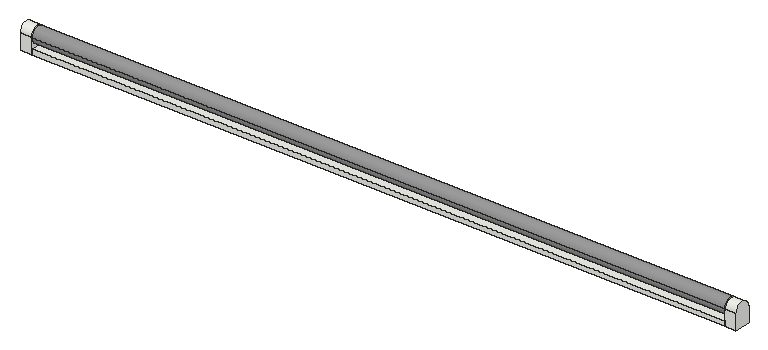
Revit family "M_Luz indireta - Listra", category Luminárias, Revit 2019
Family settings
  Cota do conector redondo = Utilizar diâmetro
  Tipo de parte = Normal
  Número OmniClass = 23.80.70.11.14.14
  Título OmniClass = Uplights
  ID de item do Seek = Uplight - Strip-0000-CAN-ENU
  Com base no plano de trabalho = Não
  Sempre na vertical = Sim
  Corte com vazios quando carregada = Não
  Fonte luminosa = Sim
  Compartilhado = Não
  Ponto de cálculo do ambiente = Não
Parameters (values of type "1200mm - 277V")
  Wattage = 40 W
  built-in parameter 1150110 = 1 (stored number, unit not read)
  built-in parameter 1114217 = 0.88 (stored number, unit not read)
  built-in parameter 1150109 = 1 (stored number, unit not read)
  built-in parameter 1150134 = 8
  built-in parameter 1150113 = 1 (stored number, unit not read)
  Tilt Angle = -90.00°
  Arquivo de rede fotométrica = "DS1T12.IES"
  built-in parameter 1150115 = 1 (stored number, unit not read)
  built-in parameter 1150105 = 250.67 (stored number, unit not read)
  Classificação de carga = Iluminação - Unidade de interrupção
  built-in parameter 1150137 = 1
  built-in parameter 1150139 = (empty or 0)
  Material de sombra = Aço, acabamento de pintura, marfim, com brilho
  built-in parameter 1150112 = 1 (stored number, unit not read)
  Material do difusor = Vidro, Branco, Alta Luminosidade
  built-in parameter 1150114 = 1 (stored number, unit not read)
  built-in parameter 1150132 = (empty or 0)
  built-in parameter 1150102 = (empty or 0)
  built-in parameter 1150138 = (empty or 0)
  built-in parameter 1150107 = 4230 (stored number, unit not read)
  built-in parameter 1150106 = 2.5067 (stored number, unit not read)
  Emitir do comprimento da linha = Comprimento da luz - 38 mm  # 1162 mm
  built-in parameter 1150104 = 7.3161 (stored number, unit not read)
  Dimming Lamp Color Temperature Shift = (empty or 0)
  Color Filter = 16777215
  Voltagem = 277 V
  Número de pólos = 1
  built-in parameter 1114218 = 0.88 (stored number, unit not read)
  built-in parameter 1150133 = 10 (stored number, unit not read)
  Código de montagem = "D5020210"
  Lâmpada = "T-12"
  Comprimento da luz = 1200 mm
  Elevação da luz = 1500 mm
  Lumens = 3150 lm
  Comentários de voltagem = "40"
  Carga aparente = 40 VA
Types (5, lengths in mm): name | Wattage | Arquivo de rede fotométrica | built-in parameter 1150105 | built-in parameter 1150106 | Emitir do comprimento da linha | built-in parameter 1150104 | Voltagem | Lâmpada | Comprimento da luz | Lumens | Comentários de voltagem | Carga aparente
  (no name) | 40 W | "DS1T12.IES" | 250.67 (stored number, unit not read) | 2.5067 (stored number, unit not read) | 1162 | 7.3161 (stored number, unit not read) | 277 V | "T-12" | 1200 | 3150 lm | "40" | 40 VA
  1200mm - 120V | 40 W | "DS1T12.IES" | 250.67 (stored number, unit not read) | 2.5067 (stored number, unit not read) | 1162 | 7.3161 (stored number, unit not read) | 120 V | "T-12" | 1200 | 3150 lm | "40" | 40 VA
  0600mm - 120V | 17 W | "DS1T8.IES" | 107.43 (stored number, unit not read) | 1.0743 (stored number, unit not read) | 562 | 7.3774 (stored number, unit not read) | 120 V | "T-8" | 600 | 1349.97 lm | "17" | 17 VA
  0600mm - 277V | 17 W | "DS1T8.IES" | 107.43 (stored number, unit not read) | 1.0743 (stored number, unit not read) | 562 | 7.3774 (stored number, unit not read) | 277 V | "T-8" | 600 | 1349.97 lm | "17" | 17 VA
  1200mm - 277V | 40 W | "DS1T12.IES" | 250.67 (stored number, unit not read) | 2.5067 (stored number, unit not read) | 1162 | 7.3161 (stored number, unit not read) | 277 V | "T-12" | 1200 | 3150 lm | "40" | 40 VA
Reference planes
  plane 1 "Eixo de origem da luz": y = 0
  plane 2: z = 0
  plane 3 "Eixo de origem da luz": x = 0
  plane 4 "Elevação da origem da luz": z = 1525.4
  plane 5: x = -600
  plane 6: x = 600
  plane 7: x = 580.95
  plane 8: x = -580.95
  plane 9: z = 1500
Forms (mm)
  Sweep 1, solid, material "Vidro, Branco, Alta Luminosidade" <- "Material do difusor"
    path origin (0, 0, 1525.4) x (0, -1, 0) y (1, 0, 0)
      loop
        line (0, -580.95) -> (0, 580.95)
    profile origin (0, 0, 1371.6) x (0, 1, 0) y (0, 0, 1)
      loop
        circle (0, 153.8) r 12.7
  Extrusion 2, solid, material "Aço, acabamento de pintura, marfim, com brilho" <- "Material de sombra"
    sketch origin (-580.95, 0, 1666.5) x (0, 0, 1) y (0, 1, 0)
      loop
        line (-166.5, 12.7) -> (-166.5, -12.7) -> (-141.1, -12.7)
        arc (-141.1, -12.7) -> (-128.4, 0) -> (-141.1, 12.7) r 12.7
        line (-141.1, 12.7) -> (-166.5, 12.7)
    from 0 to 19.05
  Extrusion 3, solid, material "Aço, acabamento de pintura, marfim, com brilho" <- "Material de sombra"
    sketch origin (580.95, 0, 1512.7) x (0, 1, 0) y (0, 0, 1)
      loop
        line (-12.7, -12.7) -> (12.7, -12.7) -> (12.7, 12.7)
        arc (12.7, 12.7) -> (0, 25.4) -> (-12.7, 12.7) r 12.7
        line (-12.7, 12.7) -> (-12.7, -12.7)
    from 0 to 19.05
  Extrusion 4, solid, material "Aço, acabamento de pintura, marfim, com brilho" <- "Material de sombra"
    sketch origin (600, 0, 1512.7) x (0, 1, 0) y (0, 0, 1)
      loop
        line (12.7, -12.7) -> (12.7, -4.031) -> (-12.7, -4.031) -> (-12.7, -12.7) -> (12.7, -12.7)
    from -1180.95 to -19.05
Lines and regions (mm)
  symbolic lines
    curve 1: line (600, 12.7, 0) -> (-600, 12.7, 0)
    curve 2: line (600, -12.7, 0) -> (600, 12.7, 0)
    curve 3: line (-600, -12.7, 0) -> (600, -12.7, 0)
    curve 4: line (-600, 12.7, 0) -> (-600, -12.7, 0)
Dimensions and locks
  equal spacing: plane 5, plane 3 "Eixo de origem da luz", plane 6
  "Comprimento da luz": plane 5 to plane 6
  locked: plane 5 to plane 8 at 19.05
  locked: plane 7 to plane 6 at 19.05
  locked: plane 4 "Elevação da origem da luz" to plane 9 at 25.4
  "Elevação da luz": plane 9 to plane 2
  aligned and locked: plane 8 to Sweep 1 sketch curve
  aligned and locked: plane 7 to Sweep 1 sketch curve
  aligned and locked: Extrusion 2 to Sweep 1
  aligned and locked: Extrusion 3 sketch curve to Sweep 1
  aligned and locked: Extrusion 3 to Sweep 1
  aligned and locked: Extrusion 3 to plane 6
  aligned and locked: Extrusion 4 sketch curve to Extrusion 2  (x3)
  aligned and locked: Extrusion 4 to Sweep 1
  aligned and locked: curve 1 to plane 6
  aligned and locked: curve 4 to Extrusion 2  (x2)
  aligned and locked: plane 9 to Extrusion 2
  aligned and locked: Extrusion 2 to plane 5
  aligned and locked: plane 8 to Extrusion 4
  aligned and locked: plane 3 "Eixo de origem da luz" to imposter light
  aligned and locked: plane 1 "Eixo de origem da luz" to imposter light
  aligned and locked: plane 4 "Elevação da origem da luz" to imposter light
Automatic sketch dimensions
  Sweep 1 sketch curve to plane 4 "Elevação da origem da luz" = 0 mm
  Sweep 1 sketch curve to profile plane = 0 mm
  profile plane to Sweep 1 sketch curve = 12.7 mm
  Sweep 1 sketch curve to plane 1 "Eixo de origem da luz" = 0 mm
  Extrusion 2 sketch curve to plane 1 "Eixo de origem da luz" = 0 mm
  Extrusion 2 sketch curve to plane 4 "Elevação da origem da luz" = 0 mm
  Extrusion 2 sketch curve to Extrusion 2 sketch curve = 25.4 mm
  plane 1 "Eixo de origem da luz" to Extrusion 2 sketch curve = 12.7 mm
  Extrusion 3 sketch curve to Extrusion 3 sketch curve = 25.4 mm
  Extrusion 4 sketch curve to Extrusion 4 sketch curve = 8.669 mm
  curve 4 to plane 1 "Eixo de origem da luz" = 12.7 mm
Connectors
  electrical at (0, 0, 1500), driven by "Carga aparente", driven by "Voltagem", driven by "Número de pólos", driven by "Classificação de carga"
    settings: on Extrusion 4, index 1, voltage 277 V, apparent load 0 VA, apparent load phase1 40 VA, apparent load phase2 0 VA, apparent load phase3 0 VA, power factor 0.95, load classification "Iluminação - Unidade de interrupção", number of poles 1, system type 31, power factor state 1, is connector primary yes, connector utility no, sub classification motor no, connector description ""
